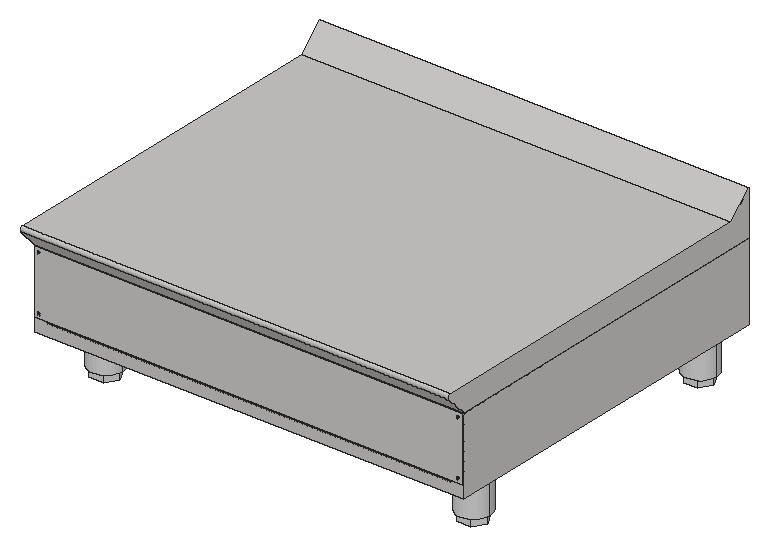
Revit family "QF_ELECTROLUXPROFESSIONAL_169156_AN36", category Specialty Equipment, Revit 2018
Family settings
  Round Connector Dimension = Use Diameter
  Part Type = Normal
  Work Plane-Based = No
  Always vertical = Yes
  Cut with Voids When Loaded = No
  Shared = Yes
  Room Calculation Point = No
Parameters
  Weight = "79 lbs."
  URL Manufacturer = "www.electrolux.com/foodservice"
  URL Cutsheet = "www.electrolux.com/foodservice"
  URL = "www.electrolux.com/foodservice"
  Type Mark [instance] = ""
  Type Comments = ""
  Specification by User [instance] = ""
  Specification by Manufacturer = ""
  Serial Number = ""
  Seismic Rating = ""
  SMACNA No = ""
  Revision Code [instance] = ""
  Omniclass Number and Title = ""
  NAFEM Spec ID Number = ""
  Model = "AN36"
  MasterSpec. = ""
  Manufacturer = "ELECTROLUX"
  Item Number [instance] = ""
  Installed By [instance] = ""
  Identify Quantity as Lot [instance] = yes
  Furnished By [instance] = ""
  Foodservice Equipment Identifier [instance] = yes
  Direct Waste Size = 0"
  Description = "Ambient Worktop 36\""
  CSI MasterFormat = ""
  CSI Master Format = ""
Reference planes (in)
  plane 1 "BACK": y = 0
  plane 2: z = 0
  plane 3 "LEFT": x = 0
  plane 4 "RIGHT": x = 36
  plane 5 "FRONT": y = -31.49658
  plane 6 "TOP": z = 14.5
  plane 7: x = 9.4375
Forms (in)
  Extrusion 1, solid, material "QF_Finishes_Stainless Steel"
    sketch origin (0, 0, -0.14456) x (0, 1, 0) y (0, 0, 1)
      loop
        arc (-31.25479, 12.8739) -> (-31.47376, 12.73038) -> (-31.42952, 12.47232) r 0.23881
        line (-31.42952, 12.47232) -> (-29.92264, 10.85467) -> (0, 10.85467) -> (0, 14.64456) -> (-1.89073, 12.8739) -> (-31.25479, 12.8739)
      loop
        line (-29.92264, 4.31918) -> (0, 4.31918) -> (0, 10.79217) -> (-29.92264, 10.79217) -> (-29.92264, 4.31918)
    from 0 to 36
  Extrusion 2, solid, material "QF_Finishes_Stainless Steel"
    sketch origin (-45.12568, 0, -0.68968) x (1, 0, 0) y (0, 0, 1)
      loop
        line (81.12568, 11.33729) -> (45.12568, 11.33729) -> (45.12568, 5.99571) -> (81.12568, 5.99571) -> (81.12568, 11.33729)
      loop
        circle (45.50068, 10.96229) r 0.125
      loop
        circle (80.75068, 10.96229) r 0.125
      loop
        circle (45.50068, 6.37071) r 0.125
      loop
        circle (80.75068, 6.37071) r 0.125
    from 29.92264 to 29.99548
  Extrusion 3, void
    sketch origin (0, 0, 4.17462) x (1, 0, 0) y (0, 0, 1)
      loop
        line (35, 1.13142) -> (1, 1.13142) -> (1.09481, 0.96721) -> (34.90519, 0.96721) -> (35, 1.13142)
    from 27.90964 to 29.92264
  Extrusion 4, solid, material "QF_Finishes_Handrails and Railings"
    sketch origin (0.0822, 0.07031, 0) x (1, 0, 0) y (0, 1, 0)
      loop
        line (3.07085, -24.73494) -> (1.88975, -24.73494) -> (1.2992, -25.75781) -> (1.88975, -26.78067) -> (3.07085, -26.78067) -> (3.6614, -25.75781) -> (3.07085, -24.73494)
    from 0 to 0.68208
  Revolve 5, solid, material "QF_Finishes_Handrails and Railings"
    sketch origin (0.0822, -25.6875, 0) x (1, 0, 0) y (0, 0, 1)
      loop
        line (2.4803, 0.68208) -> (2.4803, 4.17462) -> (1.10235, 4.17462) -> (1.10235, 0.68208) -> (2.4803, 0.68208)
      axis (2.4803, 4.17462) -> (2.4803, 0.68208)
    angle from 0 to 360
  Extrusion 6, solid, material "QF_Finishes_Handrails and Railings"
    sketch origin (0.0822, 23.90719, 0) x (1, 0, 0) y (0, 1, 0)
      loop
        line (3.07085, -24.73494) -> (1.88975, -24.73494) -> (1.2992, -25.75781) -> (1.88975, -26.78067) -> (3.07085, -26.78067) -> (3.6614, -25.75781) -> (3.07085, -24.73494)
    from 0 to 0.67472
  Revolve 7, solid, material "QF_Finishes_Handrails and Railings"
    sketch origin (0.0822, -1.85062, 0) x (1, 0, 0) y (0, 0, 1)
      loop
        line (2.4803, 0.67472) -> (2.4803, 4.17462) -> (1.10235, 4.17462) -> (1.10235, 0.67472) -> (2.4803, 0.67472)
      axis (2.4803, 4.17462) -> (2.4803, 0.67472)
    angle from 0 to 360
  Extrusion 8, solid, material "QF_Finishes_Handrails and Railings"
    sketch origin (35.9178, 0.07031, 0) x (-1, 0, 0) y (0, -1, 0)
      loop
        line (3.07085, 24.73494) -> (3.6614, 25.75781) -> (3.07085, 26.78067) -> (1.88975, 26.78067) -> (1.2992, 25.75781) -> (1.88975, 24.73494) -> (3.07085, 24.73494)
    from 0 to 0.68208
  Revolve 9, solid, material "QF_Finishes_Handrails and Railings"
    sketch origin (35.9178, -25.6875, 0) x (-1, 0, 0) y (0, 0, -1)
      loop
        line (2.4803, -0.68208) -> (1.10235, -0.68208) -> (1.10235, -4.17462) -> (2.4803, -4.17462) -> (2.4803, -0.68208)
      axis (2.4803, -4.17462) -> (2.4803, -0.68208)
    angle from 0 to 360
  Extrusion 10, solid, material "QF_Finishes_Handrails and Railings"
    sketch origin (35.9178, 23.90719, 0) x (-1, 0, 0) y (0, -1, 0)
      loop
        line (3.07085, 24.73494) -> (3.6614, 25.75781) -> (3.07085, 26.78067) -> (1.88975, 26.78067) -> (1.2992, 25.75781) -> (1.88975, 24.73494) -> (3.07085, 24.73494)
    from 0 to 0.67472
  Revolve 11, solid, material "QF_Finishes_Handrails and Railings"
    sketch origin (35.9178, -1.85062, 0) x (-1, 0, 0) y (0, 0, -1)
      loop
        line (2.4803, -0.67472) -> (1.10235, -0.67472) -> (1.10235, -4.17462) -> (2.4803, -4.17462) -> (2.4803, -0.67472)
      axis (2.4803, -4.17462) -> (2.4803, -0.67472)
    angle from 0 to 360
Cuts and joins
  Extrusion 3 cuts Extrusion 1
Lines and regions (in)
  symbolic lines
    curve 1: line (36, -31.49359, 0) -> (0, -31.49359, 0)
    curve 2: line (36, 0, 0) -> (36, -31.49359, 0)
    curve 3: line (0, 0, 0) -> (36, 0, 0)
    curve 4: line (0, -31.49359, 0) -> (0, 0, 0)
    curve 5: line (36, -1.89073, 0) -> (0, -1.89073, 0)
Dimensions and locks (in)
  locked: plane 5 "FRONT" to plane 1 "BACK" at 31.49658
  plane 3 "LEFT" to plane 4 "RIGHT" = 36"  (x2)
  plane 6 "TOP" to level = 14 1/2"  (x3)
  plane 1 "BACK" to plane 5 "FRONT" = 31.49658"
  aligned and locked: level to plane 2
  aligned and locked: plane 4 "RIGHT" to Extrusion 1
